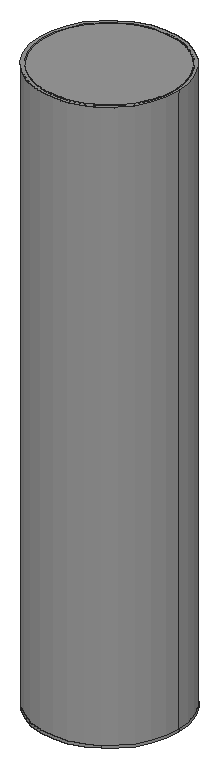
Revit family "Artemide_Tagora_Ceiling_80", category Lighting Fixtures, Revit 2018
Family settings
  Round Connector Dimension = Use Diameter
  Part Type = Normal
  Work Plane-Based = Yes
  Always vertical = Yes
  Cut with Voids When Loaded = No
  Light Source = Yes
  Shared = No
  Room Calculation Point = No
Parameters (values of type "Tagora_Ceiling_80_GU10_Beige/White_M018920")
  Wattage = 0 W
  built-in parameter 1150110 = 1 (stored number, unit not read)
  Voltage = "-"
  built-in parameter 1114217 = 1 (stored number, unit not read)
  Tilt Angle = 90.00°
  built-in parameter 1150109 = 1 (stored number, unit not read)
  built-in parameter 1150134 = 12
  built-in parameter 1150113 = 1 (stored number, unit not read)
  Radius_InternalCylinder = Radius_ExternalCyilinder - 2 mm  # 38 mm
  Radius_ExternalCyilinder = 40 mm
  Product Range = "Tagora"
  Photometric Web File = ""
  Max Height from ceiling = 0 mm
  M_HousingCylinder = Artemide_Aluminum_Beige
  M_Housing = Artemide_Aluminum_White
  M_Diffuser = Artemide_Glass_LightBulb
  built-in parameter 1150105 = (empty or 0)
  Lumens = 0 lm
  built-in parameter 1150115 = 1 (stored number, unit not read)
  built-in parameter 1150137 = (empty or 0)
  built-in parameter 1150139 = (empty or 0)
  built-in parameter 1150112 = 1 (stored number, unit not read)
  built-in parameter 1150114 = 1 (stored number, unit not read)
  built-in parameter 1150132 = 2
  built-in parameter 1150102 = (empty or 0)
  built-in parameter 1150107 = 4000 (stored number, unit not read)
  built-in parameter 1150138 = (empty or 0)
  built-in parameter 1150106 = (empty or 0)
  IfcExportType = "NOT DEFINED"  # constant formula
  IfcExportAs = "IfcLightFixtureType"  # constant formula
  Weekly = "-"
  Warranty ID = "https://cloud.artemide.com/5-years-warranty"
  Upward Component  = 0
  Unified Glare Rating  = "-"
  Uniclass 2015 = "Pr_70_70_48"  # constant formula
  URL to O&M Manual = "-"
  URL to Energy Technology List = "-"
  Trim Material = "-"
  Trim Finish = "-"
  Trim Colour  = "-"
  Total Power = 0
  Total Light Output  = 0
  Testing method = "-"
  Supply Phase = 0
  Suitable for Photocell Control = "-"
  Suitable for Motion Detector Control = "N"
  Suitable for Dimming  = "-"
  Suitable Dimmer Type = "-"
  Standards = "-"
  Shipping Weight = 0
  Service life  = "-"
  Secondary Rated Lamp Life = 0
  Secondary Lamp Voltage = 0
  Secondary Lamp International Type Code = "-"
  Secondary Lamp Initial Lumens  = 0
  Secondary Lamp Included = "-"
  Secondary Lamp Efficacy = 0
  Secondary Lamp Colour Temperature = 0
  Secondary Lamp Colour Rendering Index = 0
  Secondary Lamp Cap = "-"
  Secondary Lamp = "-"
  Responsible Sourcing of Materials = "-"
  Responsible Extraction of Materials = "-"
  Reflector Material = "-"
  Reflector Finish = "-"
  Rated Lamp Life = 0
  Quarterly = "-"
  Product Model Number = "M018920"
  Product Literature = "https://www.artemide.com/en/subfamily/1684426/tagora-ceiling-80"
  Primary Lamp Type = "LED RETROFIT"
  Power Supply Kit = "-"
  Power Factor = 0
  Photocell = "-"
  Overall Width = 0
  Overall Light Output Ratio = 0
  Overall Length = 80
  Overall Height = 330
  Output Lumens Indirect light = 0
  Output Lumens Direct light = 0
  Number of Secondary Lamps = 0
  Number of Primary Lamps = 1
  Number of Poles = 0
  Motion Sensor = "-"
  Motion Detector = "-"
  Monthly = "-"
  Minimum Operating Temperature = 0
  Maximum Operating Temperature = 0
  Material Ingredient Reporting = "-"
  Manufacturer Website = "https://www.artemide.com"
  Manufacturer = "Artemide"
  Maintenance Required: 8001-12000hrs  = "-"
  Maintenance Required: 601-1000hrs = "-"
  Maintenance Required: 4001-8000hrs  = "-"
  Maintenance Required: 301-600hrs  = "-"
  Maintenance Required: 2001-4000hrs  = "-"
  Maintenance Required: 1001-2000hrs  = "-"
  Maintenance Required: 0-300hrs  = "-"
  Luminance at 65deg Angle = 0
  Luminaire Type = "Ceiling lamp"
  Luminaire Maintenance Factor = 0
  Luminaire Cleaning Interval  = "-"
  Louvre/Lens = "-"
  Location of Manufacturer = "-"
  Light Output Pattern = "-"
  Light Fixture Mounting Type = "Ceiling"
  Life Cycle Analysis = "-"
  Lamp Survival Factor = "-"
  Lamp Replacement Interval = "-"
  Lamp Included = "N"
  Lamp Holder Material = "-"
  Lamp Cap = "LED Integrated"
  LED lifetime = 0
  LED Maintained Colour Variation         = 0
  LED Initial Colour Variation                      = 0
  International Type Code = "-"
  Intended Market = "Unset"
  Integral Fuse or Circuit Protection  = "-"
  Integral Emergency Lighting Battery Type = "-"
  Input Lumens Indirect light = 0
  Input Lumens Direct light = 0
  Initial Lumens = 0
  Infills = "-"
  IP Rating = "IP20"
  IK Rating = "-"
  IES Files  = "-"
  Housing Material = "Aluminium"
  Housing Finish  = "Painted"
  Housing Colour  = "Beige/White"
  Hazardous Area Protection Type = "-"
  Hazardous Area Category = "-"
  Gross Weight = 0
  Green Guide for Specification = "-"
  Gasket Material = "-"
  Frequency  = 0
  Fixings = "-"
  Fixing Material = "-"
  Fire Shroud = "-"
  Fire Rating Duration = 0
  Fire Rated Temperature = 0
  Fire Rated = "-"
  Features = "Any additional components/accessories included in this file are required to complete the product/configuration and must be ordered separately.Please check the catalogue/dedicated brochure for more information"
  Face Width = 0
  Face Shape = "Cylindrical"
  Face Length = 0
  External Control Line Voltage = 0
  Expected Life = "-"
  Environmental Product Declaration = "-"
  End Caps/Transition Caps/Joints = "-"
  built-in parameter 1150129 = 1 mm
  Emit Shape Visible in Rendering = no
  Emergency light output percentage = 0
  Emergency Lighting Battery = "-"
  Emergency Charging Power       = 0
  Emergency = "N"
  Embodied Carbon  = 0
  Efficiency = 0
  built-in parameter 1150104 = 0.092903 (stored number, unit not read)
  Earth Point  = "-"
  ENEC Certification of European conformity = "N"
  Duration of Integral Emergency Lighting  = 0
  Drive Current                                          = 0
  Downward Component = 0
  Distance_HeightLamp = 330.018 mm
  Dimming Lamp Color Temperature Shift = <None>
  Diffusing screen = "-"
  Diffuser Material  = "-"
  Diffuser Finish = "-"
  Designed by = "S./R. Cornelissen"
  Default Elevation = 1219.2 mm
  Daylight Sensor = "-"
  Daily = "-"
  Cut Out Width = 0
  Cut Out Length = 0
  Current  = 0
  Control Gear Type = "-"
  Control Gear Standby Power  = 0
  Control Gear Required = "-"
  Control Gear Location = "-"
  Column = "-"
  Colour Temperature = 0
  Colour Rendering Index = 0
  Color Filter = 16777215
  Cable Material = "-"
  CE Approval = "Y"
  Bespoke Timeframe = "-"
  Beam Angle Transverse Axis  = 0.00°
  Beam Angle Longditudinal Axis  = 0.00°
  Basis of lifetime luminaire failures        = 0
  Basis of lifetime lumen depreciation   = 0
  Emit from Circle Diameter = 304.8 mm
  built-in parameter 1150133 = 10 (stored number, unit not read)
  Application Environment = "Internal"
  Annually = "-"
  Ambient Temperature                             = 0
  Air Handling = "-"
  Access Clearance Top = 0
  Access Clearance Right = 0
  Access Clearance Rear = 0
  Access Clearance Left = 0
  Access Clearance Front = 0
  Access Clearance Bottom = 0
  6 Monthly = "-"
Types (65, lengths in mm): name | Wattage | built-in parameter 1150134 | Photometric Web File | M_HousingCylinder | M_Housing | built-in parameter 1150105 | Lumens | built-in parameter 1150132 | built-in parameter 1150107 | built-in parameter 1150106 | URL to O&M Manual | Suitable for Dimming  | Suitable Dimmer Type | Rated Lamp Life | Product Model Number | Primary Lamp Type | Output Lumens Direct light | Lamp Included | LED lifetime | Input Lumens Direct light | Initial Lumens | IES Files  | Housing Colour  | Gross Weight | built-in parameter 1150129 | Efficiency | built-in parameter 1150104 | Cut Out Width | Cut Out Length | Colour Temperature | Colour Rendering Index
  Tagora_Ceiling_80_36°_3000K_Beige/White_DimmableDali_AB08152 | 14 W | (empty or 0) | "AB08152.IES" | Artemide_Aluminum_Beige | Artemide_Aluminum_White | 81.763 (stored number, unit not read) | 1027.46 lm | (empty or 0) | 3000 (stored number, unit not read) | 0.81763 (stored number, unit not read) | "https://www.artemide.com/contents/documenti/prodotto/tagora_soffitto_80_instructions4134420.pdf" | "Y" | "DALI" | 50000 | "AB08152" | "LED" | 1027 | "Y" | 60000 | 1489 | 1027 | "https://www.artemide.com/product/downloadFile/4134252/ieseu/4887640" | "Beige/White" | 1.4 | 38.3 | 69 | 6.8182 (stored number, unit not read) | 0 | 0 | 3000 | 90
  Tagora_Ceiling_80_36°_3000K_Beige/White_Undimmable_AB06152 | 14 W | (empty or 0) | "AB06152.IES" | Artemide_Aluminum_Beige | Artemide_Aluminum_White | 81.763 (stored number, unit not read) | 1027.46 lm | (empty or 0) | 3000 (stored number, unit not read) | 0.81763 (stored number, unit not read) | "https://www.artemide.com/contents/documenti/prodotto/tagora_soffitto_80_instructions4134420.pdf" | "N" | "-" | 50000 | "AB06152" | "LED" | 1027 | "Y" | 60000 | 1489 | 1027 | "https://www.artemide.com/product/downloadFile/1667522/ieseu/4887743" | "Beige/White" | 1.4 | 38.3 | 69 | 6.8182 (stored number, unit not read) | 0 | 0 | 3000 | 90
  Tagora_Ceiling_80_36°_4000K_Beige/White_DimmableDali_AB08452 | 14 W | 12 | "AB08452.IES" | Artemide_Aluminum_Beige | Artemide_Aluminum_White | 84.292 (stored number, unit not read) | 1059.24 lm | (empty or 0) | 4000 (stored number, unit not read) | 0.84292 (stored number, unit not read) | "https://www.artemide.com/contents/documenti/prodotto/tagora_soffitto_80_instructions4134420.pdf" | "Y" | "DALI" | 50000 | "AB08452" | "LED" | 1059 | "Y" | 60000 | 1535 | 1059 | "https://www.artemide.com/product/downloadFile/4134879/ieseu/4887656" | "Beige/White" | 1.4 | 38.3 | 69 | 7.029 (stored number, unit not read) | 0 | 0 | 4000 | 90
  Tagora_Ceiling_80_36°_4000K_Beige/White_Undimmable_AB06452 | 14 W | 12 | "AB06452.IES" | Artemide_Aluminum_Beige | Artemide_Aluminum_White | 84.292 (stored number, unit not read) | 1059.24 lm | (empty or 0) | 4000 (stored number, unit not read) | 0.84292 (stored number, unit not read) | "https://www.artemide.com/contents/documenti/prodotto/tagora_soffitto_80_instructions4134420.pdf" | "N" | "-" | 50000 | "AB06452" | "LED" | 1059 | "Y" | 60000 | 1535 | 1059 | "https://www.artemide.com/product/downloadFile/1667813/ieseu/4887915" | "Beige/White" | 1.4 | 38.3 | 69 | 7.029 (stored number, unit not read) | 0 | 0 | 4000 | 90
  Tagora_Ceiling_80_44°_3000K_Beige/White_DimmableDali_AB08252 | 14 W | (empty or 0) | "AB08252.IES" | Artemide_Aluminum_Beige | Artemide_Aluminum_White | 88.391 (stored number, unit not read) | 1110.76 lm | (empty or 0) | 3000 (stored number, unit not read) | 0.88391 (stored number, unit not read) | "https://www.artemide.com/contents/documenti/prodotto/tagora_soffitto_80_instructions4134420.pdf" | "Y" | "DALI" | 50000 | "AB08252" | "LED" | 1111 | "Y" | 60000 | 1489 | 1111 | "https://www.artemide.com/product/downloadFile/4134461/ieseu/4887614" | "Beige/White" | 1.4 | 38.3 | 75 | 7.3709 (stored number, unit not read) | 0 | 0 | 3000 | 90
  Tagora_Ceiling_80_44°_3000K_Beige/White_Undimmable_AB06252 | 14 W | (empty or 0) | "AB06252.IES" | Artemide_Aluminum_Beige | Artemide_Aluminum_White | 88.391 (stored number, unit not read) | 1110.76 lm | (empty or 0) | 3000 (stored number, unit not read) | 0.88391 (stored number, unit not read) | "https://www.artemide.com/contents/documenti/prodotto/tagora_soffitto_80_instructions4134420.pdf" | "N" | "-" | 50000 | "AB06252" | "LED" | 1111 | "Y" | 60000 | 1489 | 1111 | "https://www.artemide.com/product/downloadFile/4133834/ieseu/4887963" | "Beige/White" | 1.4 | 38.3 | 75 | 7.3709 (stored number, unit not read) | 0 | 0 | 3000 | 90
  Tagora_Ceiling_80_44°_4000K_Beige/White_DimmableDali_AB08552 | 14 W | 12 | "AB08552.IES" | Artemide_Aluminum_Beige | Artemide_Aluminum_White | 91.132 (stored number, unit not read) | 1145.2 lm | (empty or 0) | 4000 (stored number, unit not read) | 0.91132 (stored number, unit not read) | "https://www.artemide.com/contents/documenti/prodotto/tagora_soffitto_80_instructions4134420.pdf" | "Y" | "DALI" | 50000 | "AB08552" | "LED" | 1145 | "Y" | 60000 | 1535 | 1145 | "https://www.artemide.com/product/downloadFile/4135088/ieseu/4887609" | "Beige/White" | 1.4 | 38.3 | 75 | 7.5995 (stored number, unit not read) | 0 | 0 | 4000 | 90
  Tagora_Ceiling_80_44°_4000K_Beige/White_Undimmable_AB06552 | 14 W | 12 | "AB06552.IES" | Artemide_Aluminum_Beige | Artemide_Aluminum_White | 91.132 (stored number, unit not read) | 1145.2 lm | (empty or 0) | 4000 (stored number, unit not read) | 0.91132 (stored number, unit not read) | "https://www.artemide.com/contents/documenti/prodotto/tagora_soffitto_80_instructions4134420.pdf" | "N" | "-" | 50000 | "AB06552" | "LED" | 1145 | "Y" | 60000 | 1535 | 1145 | "https://www.artemide.com/product/downloadFile/4134043/ieseu/4887603" | "Beige/White" | 1.4 | 38.3 | 75 | 7.5995 (stored number, unit not read) | 0 | 0 | 4000 | 90
  Tagora_Ceiling_80_52°_3000K_Beige/White_DimmableDali_AB08352 | 14 W | (empty or 0) | "AB08352.IES" | Artemide_Aluminum_Beige | Artemide_Aluminum_White | 80.816 (stored number, unit not read) | 1015.56 lm | (empty or 0) | 3000 (stored number, unit not read) | 0.80816 (stored number, unit not read) | "https://www.artemide.com/contents/documenti/prodotto/tagora_soffitto_80_instructions4134420.pdf" | "Y" | "DALI" | 50000 | "AB08352" | "LED" | 1016 | "Y" | 60000 | 1489 | 1016 | "https://www.artemide.com/product/downloadFile/4134670/ieseu/4887763" | "Beige/White" | 1.4 | 38.3 | 68 | 6.7392 (stored number, unit not read) | 0 | 0 | 3000 | 90
  Tagora_Ceiling_80_52°_3000K_Beige/White_Undimmable_AB06352 | 14 W | (empty or 0) | "AB06352.IES" | Artemide_Aluminum_Beige | Artemide_Aluminum_White | 80.816 (stored number, unit not read) | 1015.56 lm | (empty or 0) | 3000 (stored number, unit not read) | 0.80816 (stored number, unit not read) | "https://www.artemide.com/contents/documenti/prodotto/tagora_soffitto_80_instructions4134420.pdf" | "N" | "-" | 50000 | "AB06352" | "LED" | 1016 | "Y" | 60000 | 1489 | 1016 | "https://www.artemide.com/product/downloadFile/1668585/ieseu/4887903" | "Beige/White" | 1.4 | 38.3 | 68 | 6.7392 (stored number, unit not read) | 0 | 0 | 3000 | 90
  Tagora_Ceiling_80_52°_4000K_Beige/White_DimmableDali_AB08652 | 14 W | 12 | "AB08652.IES" | Artemide_Aluminum_Beige | Artemide_Aluminum_White | 83.311 (stored number, unit not read) | 1046.92 lm | (empty or 0) | 4000 (stored number, unit not read) | 0.83311 (stored number, unit not read) | "https://www.artemide.com/contents/documenti/prodotto/tagora_soffitto_80_instructions4134420.pdf" | "Y" | "DALI" | 50000 | "AB08652" | "LED" | 1047 | "Y" | 60000 | 1535 | 1047 | "https://www.artemide.com/product/downloadFile/4135297/ieseu/4887720" | "Beige/White" | 1.4 | 38.3 | 68 | 6.9473 (stored number, unit not read) | 0 | 0 | 4000 | 90
  Tagora_Ceiling_80_52°_4000K_Beige/White_Undimmable_AB06652 | 14 W | 12 | "AB06652.IES" | Artemide_Aluminum_Beige | Artemide_Aluminum_White | 83.311 (stored number, unit not read) | 1046.92 lm | (empty or 0) | 4000 (stored number, unit not read) | 0.83311 (stored number, unit not read) | "https://www.artemide.com/contents/documenti/prodotto/tagora_soffitto_80_instructions4134420.pdf" | "N" | "-" | 50000 | "AB06652" | "LED" | 1047 | "Y" | 60000 | 1535 | 1047 | "https://www.artemide.com/product/downloadFile/1668378/ieseu/4887744" | "Beige/White" | 1.4 | 38.3 | 68 | 6.9473 (stored number, unit not read) | 0 | 0 | 4000 | 90
  Tagora_Ceiling_80_36°_3000K_Grey/White_DimmableDali_AB08156 | 14 W | (empty or 0) | "AB08156.IES" | Artemide_Aluminum_Grey | Artemide_Aluminum_White | 81.763 (stored number, unit not read) | 1027.46 lm | (empty or 0) | 3000 (stored number, unit not read) | 0.81763 (stored number, unit not read) | "https://www.artemide.com/contents/documenti/prodotto/tagora_soffitto_80_instructions4134420.pdf" | "Y" | "DALI" | 50000 | "AB08156" | "LED" | 1027 | "Y" | 60000 | 1489 | 1027 | "https://www.artemide.com/product/downloadFile/4132580/ieseu/4887712" | "Grey/White" | 1.4 | 38.3 | 69 | 6.8182 (stored number, unit not read) | 0 | 0 | 3000 | 90
  Tagora_Ceiling_80_36°_3000K_Grey/White_Undimmable_AB06156 | 14 W | (empty or 0) | "AB06156.IES" | Artemide_Aluminum_Grey | Artemide_Aluminum_White | 81.763 (stored number, unit not read) | 1027.46 lm | (empty or 0) | 3000 (stored number, unit not read) | 0.81763 (stored number, unit not read) | "https://www.artemide.com/contents/documenti/prodotto/tagora_soffitto_80_instructions4134420.pdf" | "N" | "-" | 50000 | "AB06156" | "LED" | 1027 | "Y" | 60000 | 1489 | 1027 | "https://www.artemide.com/product/downloadFile/1666272/ieseu/4887600" | "Grey/White" | 1.4 | 38.3 | 69 | 6.8182 (stored number, unit not read) | 0 | 0 | 3000 | 90
  Tagora_Ceiling_80_36°_4000K_Grey/White_DimmableDali_AB08456 | 14 W | 12 | "AB08456.IES" | Artemide_Aluminum_Grey | Artemide_Aluminum_White | 84.292 (stored number, unit not read) | 1059.24 lm | (empty or 0) | 4000 (stored number, unit not read) | 0.84292 (stored number, unit not read) | "https://www.artemide.com/contents/documenti/prodotto/tagora_soffitto_80_instructions4134420.pdf" | "Y" | "DALI" | 50000 | "AB08456" | "LED" | 1059 | "Y" | 60000 | 1535 | 1059 | "https://www.artemide.com/product/downloadFile/4133207/ieseu/4887983" | "Grey/White" | 1.4 | 38.3 | 69 | 7.029 (stored number, unit not read) | 0 | 0 | 4000 | 90
  Tagora_Ceiling_80_36°_4000K_Grey/White_Undimmable_AB06456 | 14 W | 12 | "AB06456.IES" | Artemide_Aluminum_Grey | Artemide_Aluminum_White | 84.292 (stored number, unit not read) | 1059.24 lm | (empty or 0) | 4000 (stored number, unit not read) | 0.84292 (stored number, unit not read) | "https://www.artemide.com/contents/documenti/prodotto/tagora_soffitto_80_instructions4134420.pdf" | "N" | "-" | 50000 | "AB06456" | "LED" | 1059 | "Y" | 60000 | 1535 | 1059 | "https://www.artemide.com/product/downloadFile/1666482/ieseu/4887797" | "Grey/White" | 1.4 | 38.3 | 69 | 7.029 (stored number, unit not read) | 0 | 0 | 4000 | 90
  Tagora_Ceiling_80_44°_3000K_Grey/White_DimmableDali_AB08256 | 14 W | (empty or 0) | "AB08256.IES" | Artemide_Aluminum_Grey | Artemide_Aluminum_White | 88.391 (stored number, unit not read) | 1110.76 lm | (empty or 0) | 3000 (stored number, unit not read) | 0.88391 (stored number, unit not read) | "https://www.artemide.com/contents/documenti/prodotto/tagora_soffitto_80_instructions4134420.pdf" | "Y" | "DALI" | 50000 | "AB08256" | "LED" | 1111 | "Y" | 60000 | 1489 | 1111 | "https://www.artemide.com/product/downloadFile/4132789/ieseu/4887988" | "Grey/White" | 1.4 | 38.3 | 75 | 7.3709 (stored number, unit not read) | 0 | 0 | 3000 | 90
  Tagora_Ceiling_80_44°_3000K_Grey/White_Undimmable_AB06256 | 14 W | (empty or 0) | "AB06256.IES" | Artemide_Aluminum_Grey | Artemide_Aluminum_White | 88.391 (stored number, unit not read) | 1110.76 lm | (empty or 0) | 3000 (stored number, unit not read) | 0.88391 (stored number, unit not read) | "https://www.artemide.com/contents/documenti/prodotto/tagora_soffitto_80_instructions4134420.pdf" | "N" | "-" | 50000 | "AB06256" | "LED" | 1111 | "Y" | 60000 | 1489 | 1111 | "https://www.artemide.com/product/downloadFile/4132162/ieseu/4887953" | "Grey/White" | 1.4 | 38.3 | 75 | 7.3709 (stored number, unit not read) | 0 | 0 | 3000 | 90
  Tagora_Ceiling_80_44°_4000K_Grey/White_DimmableDali_AB08556 | 14 W | 12 | "AB08556.IES" | Artemide_Aluminum_Grey | Artemide_Aluminum_White | 91.132 (stored number, unit not read) | 1145.2 lm | (empty or 0) | 4000 (stored number, unit not read) | 0.91132 (stored number, unit not read) | "https://www.artemide.com/contents/documenti/prodotto/tagora_soffitto_80_instructions4134420.pdf" | "Y" | "DALI" | 50000 | "AB08556" | "LED" | 1145 | "Y" | 60000 | 1535 | 1145 | "https://www.artemide.com/product/downloadFile/4133416/ieseu/4887735" | "Grey/White" | 1.4 | 38.3 | 75 | 7.5995 (stored number, unit not read) | 0 | 0 | 4000 | 90
  Tagora_Ceiling_80_44°_4000K_Grey/White_Undimmable_AB06556 | 14 W | 12 | "AB06556.IES" | Artemide_Aluminum_Grey | Artemide_Aluminum_White | 91.132 (stored number, unit not read) | 1145.2 lm | (empty or 0) | 4000 (stored number, unit not read) | 0.91132 (stored number, unit not read) | "https://www.artemide.com/contents/documenti/prodotto/tagora_soffitto_80_instructions4134420.pdf" | "N" | "-" | 50000 | "AB06556" | "LED" | 1145 | "Y" | 60000 | 1535 | 1145 | "https://www.artemide.com/product/downloadFile/4132371/ieseu/4887695" | "Grey/White" | 1.4 | 38.3 | 75 | 7.5995 (stored number, unit not read) | 0 | 0 | 4000 | 90
  Tagora_Ceiling_80_52°_3000K_Grey/White_DimmableDali_AB08356 | 14 W | (empty or 0) | "AB08356.IES" | Artemide_Aluminum_Grey | Artemide_Aluminum_White | 80.816 (stored number, unit not read) | 1015.56 lm | (empty or 0) | 3000 (stored number, unit not read) | 0.80816 (stored number, unit not read) | "https://www.artemide.com/contents/documenti/prodotto/tagora_soffitto_80_instructions4134420.pdf" | "Y" | "DALI" | 50000 | "AB08356" | "LED" | 1016 | "Y" | 60000 | 1489 | 1016 | "https://www.artemide.com/product/downloadFile/4132998/ieseu/4887742" | "Grey/White" | 1.4 | 38.3 | 68 | 6.7392 (stored number, unit not read) | 0 | 0 | 3000 | 90
  Tagora_Ceiling_80_52°_3000K_Grey/White_Undimmable_AB06356 | 14 W | (empty or 0) | "AB06356.IES" | Artemide_Aluminum_Grey | Artemide_Aluminum_White | 80.816 (stored number, unit not read) | 1015.56 lm | (empty or 0) | 3000 (stored number, unit not read) | 0.80816 (stored number, unit not read) | "https://www.artemide.com/contents/documenti/prodotto/tagora_soffitto_80_instructions4134420.pdf" | "N" | "-" | 50000 | "AB06356" | "LED" | 1016 | "Y" | 60000 | 1489 | 1016 | "https://www.artemide.com/product/downloadFile/1667096/ieseu/4887711" | "Grey/White" | 1.4 | 38.3 | 68 | 6.7392 (stored number, unit not read) | 0 | 0 | 3000 | 90
  Tagora_Ceiling_80_52°_4000K_Grey/White_DimmableDali_AB08656 | 14 W | 12 | "AB08656.IES" | Artemide_Aluminum_Grey | Artemide_Aluminum_White | 83.311 (stored number, unit not read) | 1046.92 lm | (empty or 0) | 4000 (stored number, unit not read) | 0.83311 (stored number, unit not read) | "https://www.artemide.com/contents/documenti/prodotto/tagora_soffitto_80_instructions4134420.pdf" | "Y" | "DALI" | 50000 | "AB08656" | "LED" | 1047 | "Y" | 60000 | 1535 | 1047 | "https://www.artemide.com/product/downloadFile/4133625/ieseu/4887823" | "Grey/White" | 1.4 | 38.3 | 68 | 6.9473 (stored number, unit not read) | 0 | 0 | 4000 | 90
  Tagora_Ceiling_80_52°_4000K_Grey/White_Undimmable_AB06656 | 14 W | 12 | "AB06656.IES" | Artemide_Aluminum_Grey | Artemide_Aluminum_White | 83.311 (stored number, unit not read) | 1046.92 lm | (empty or 0) | 4000 (stored number, unit not read) | 0.83311 (stored number, unit not read) | "https://www.artemide.com/contents/documenti/prodotto/tagora_soffitto_80_instructions4134420.pdf" | "N" | "-" | 50000 | "AB06656" | "LED" | 1047 | "Y" | 60000 | 1535 | 1047 | "https://www.artemide.com/product/downloadFile/1666686/ieseu/4887841" | "Grey/White" | 1.4 | 38.3 | 68 | 6.9473 (stored number, unit not read) | 0 | 0 | 4000 | 90
  Tagora_Ceiling_80_GU10_Grey/White_M018960 | 0 W | 12 | "" | Artemide_Aluminum_Grey | Artemide_Aluminum_White | (empty or 0) | 0 lm | 2 | 4000 (stored number, unit not read) | (empty or 0) | "-" | "-" | "-" | 0 | "M018960" | "LED RETROFIT" | 0 | "N" | 0 | 0 | 0 | "-" | "Grey/White" | 0 | 1 | 0 | 0.092903 (stored number, unit not read) | 0 | 0 | 0 | 0
  Tagora_Ceiling_80_GU10_Beige/White_M018920 | 0 W | 12 | "" | Artemide_Aluminum_Beige | Artemide_Aluminum_White | (empty or 0) | 0 lm | 2 | 4000 (stored number, unit not read) | (empty or 0) | "-" | "-" | "-" | 0 | "M018920" | "LED RETROFIT" | 0 | "N" | 0 | 0 | 0 | "-" | "Beige/White" | 0 | 1 | 0 | 0.092903 (stored number, unit not read) | 0 | 0 | 0 | 0
  Tagora_Ceiling_80_36°_3000K_Black/Orange_DimmableDali_AB08157 | 14 W | (empty or 0) | "AB08157.IES" | Artemide_Aluminum_Black | Artemide_Aluminum_Orange | 81.763 (stored number, unit not read) | 1027.46 lm | (empty or 0) | 3000 (stored number, unit not read) | 0.81763 (stored number, unit not read) | "https://www.artemide.com/contents/documenti/prodotto/tagora_soffitto_80_instructions4134420.pdf" | "Y" | "DALI" | 50000 | "AB08157" | "LED" | 1027 | "Y" | 60000 | 1489 | 1027 | "https://www.artemide.com/product/downloadFile/4130908/ieseu/4887927" | "Black/Orange" | 1.4 | 38.3 | 69 | 6.8182 (stored number, unit not read) | 0 | 0 | 3000 | 90
  Tagora_Ceiling_80_36°_3000K_Black/Orange_Undimmable_AB06157 | 14 W | (empty or 0) | "AB06157.IES" | Artemide_Aluminum_Black | Artemide_Aluminum_Orange | 81.763 (stored number, unit not read) | 1027.46 lm | (empty or 0) | 3000 (stored number, unit not read) | 0.81763 (stored number, unit not read) | "https://www.artemide.com/contents/documenti/prodotto/tagora_soffitto_80_instructions4134420.pdf" | "N" | "-" | 50000 | "AB06157" | "LED" | 1027 | "Y" | 60000 | 1489 | 1027 | "https://www.artemide.com/product/downloadFile/1650646/ieseu/4887652" | "Black/Orange" | 1.4 | 38.3 | 69 | 6.8182 (stored number, unit not read) | 0 | 0 | 3000 | 90
  Tagora_Ceiling_80_36°_4000K_Black/Orange_DimmableDali_AB08457 | 14 W | 12 | "AB08457.IES" | Artemide_Aluminum_Black | Artemide_Aluminum_Orange | 84.292 (stored number, unit not read) | 1059.24 lm | (empty or 0) | 4000 (stored number, unit not read) | 0.84292 (stored number, unit not read) | "https://www.artemide.com/contents/documenti/prodotto/tagora_soffitto_80_instructions4134420.pdf" | "Y" | "DALI" | 50000 | "AB08457" | "LED" | 1059 | "Y" | 60000 | 1535 | 1059 | "https://www.artemide.com/product/downloadFile/4131535/ieseu/4887682" | "Black/Orange" | 1.4 | 38.3 | 69 | 7.029 (stored number, unit not read) | 0 | 0 | 4000 | 90
  Tagora_Ceiling_80_36°_4000K_Black/Orange_Undimmable_AB06457 | 14 W | 12 | "AB06457.IES" | Artemide_Aluminum_Black | Artemide_Aluminum_Orange | 84.292 (stored number, unit not read) | 1059.24 lm | (empty or 0) | 4000 (stored number, unit not read) | 0.84292 (stored number, unit not read) | "https://www.artemide.com/contents/documenti/prodotto/tagora_soffitto_80_instructions4134420.pdf" | "N" | "-" | 50000 | "AB06457" | "LED" | 1059 | "Y" | 60000 | 1535 | 1059 | "https://www.artemide.com/product/downloadFile/1665645/ieseu/4887651" | "Black/Orange" | 1.4 | 38.3 | 69 | 7.029 (stored number, unit not read) | 0 | 0 | 4000 | 90
  Tagora_Ceiling_80_44°_3000K_Black/Orange_DimmableDali_AB08257 | 14 W | (empty or 0) | "AB08257.IES" | Artemide_Aluminum_Black | Artemide_Aluminum_Orange | 88.391 (stored number, unit not read) | 1110.76 lm | (empty or 0) | 3000 (stored number, unit not read) | 0.88391 (stored number, unit not read) | "https://www.artemide.com/contents/documenti/prodotto/tagora_soffitto_80_instructions4134420.pdf" | "Y" | "DALI" | 50000 | "AB08257" | "LED" | 1111 | "Y" | 60000 | 1489 | 1111 | "https://www.artemide.com/product/downloadFile/4131117/ieseu/4887708" | "Black/Orange" | 1.4 | 38.3 | 75 | 7.3709 (stored number, unit not read) | 0 | 0 | 3000 | 90
  Tagora_Ceiling_80_44°_3000K_Black/Orange_Undimmable_AB06257 | 14 W | (empty or 0) | "AB06257.IES" | Artemide_Aluminum_Black | Artemide_Aluminum_Orange | 88.391 (stored number, unit not read) | 1110.76 lm | (empty or 0) | 3000 (stored number, unit not read) | 0.88391 (stored number, unit not read) | "https://www.artemide.com/contents/documenti/prodotto/tagora_soffitto_80_instructions4134420.pdf" | "N" | "-" | 50000 | "AB06257" | "LED" | 1111 | "Y" | 60000 | 1489 | 1111 | "https://www.artemide.com/product/downloadFile/4130490/ieseu/4887681" | "Black/Orange" | 1.4 | 38.3 | 75 | 7.3709 (stored number, unit not read) | 0 | 0 | 3000 | 90
  Tagora_Ceiling_80_44°_4000K_Black/Orange_DimmableDali_AB08557 | 14 W | 12 | "AB08557.IES" | Artemide_Aluminum_Black | Artemide_Aluminum_Orange | 91.132 (stored number, unit not read) | 1145.2 lm | (empty or 0) | 4000 (stored number, unit not read) | 0.91132 (stored number, unit not read) | "https://www.artemide.com/contents/documenti/prodotto/tagora_soffitto_80_instructions4134420.pdf" | "Y" | "DALI" | 50000 | "AB08557" | "LED" | 1145 | "Y" | 60000 | 1535 | 1145 | "https://www.artemide.com/product/downloadFile/4131744/ieseu/4887914" | "Black/Orange" | 1.4 | 38.3 | 75 | 7.5995 (stored number, unit not read) | 0 | 0 | 4000 | 90
  Tagora_Ceiling_80_44°_4000K_Black/Orange_Undimmable_AB06557 | 14 W | 12 | "AB06557.IES" | Artemide_Aluminum_Black | Artemide_Aluminum_Orange | 91.132 (stored number, unit not read) | 1145.2 lm | (empty or 0) | 4000 (stored number, unit not read) | 0.91132 (stored number, unit not read) | "https://www.artemide.com/contents/documenti/prodotto/tagora_soffitto_80_instructions4134420.pdf" | "N" | "-" | 50000 | "AB06557" | "LED" | 1145 | "Y" | 60000 | 1535 | 1145 | "https://www.artemide.com/product/downloadFile/4130699/ieseu/4887748" | "Black/Orange" | 1.4 | 38.3 | 75 | 7.5995 (stored number, unit not read) | 0 | 0 | 4000 | 90
  Tagora_Ceiling_80_52°_3000K_Black/Orange_DimmableDali_AB08357 | 14 W | (empty or 0) | "AB08357.IES" | Artemide_Aluminum_Black | Artemide_Aluminum_Orange | 80.816 (stored number, unit not read) | 1015.56 lm | (empty or 0) | 3000 (stored number, unit not read) | 0.80816 (stored number, unit not read) | "https://www.artemide.com/contents/documenti/prodotto/tagora_soffitto_80_instructions4134420.pdf" | "Y" | "DALI" | 50000 | "AB08357" | "LED" | 1016 | "Y" | 60000 | 1489 | 1016 | "https://www.artemide.com/product/downloadFile/4131326/ieseu/4887739" | "Black/Orange" | 1.4 | 38.3 | 68 | 6.7392 (stored number, unit not read) | 0 | 0 | 3000 | 90
  Tagora_Ceiling_80_52°_3000K_Black/Orange_Undimmable_AB06357 | 14 W | (empty or 0) | "AB06357.IES" | Artemide_Aluminum_Black | Artemide_Aluminum_Orange | 80.816 (stored number, unit not read) | 1015.56 lm | (empty or 0) | 3000 (stored number, unit not read) | 0.80816 (stored number, unit not read) | "https://www.artemide.com/contents/documenti/prodotto/tagora_soffitto_80_instructions4134420.pdf" | "N" | "-" | 50000 | "AB06357" | "LED" | 1016 | "Y" | 60000 | 1489 | 1016 | "https://www.artemide.com/product/downloadFile/1665856/ieseu/4887676" | "Black/Orange" | 1.4 | 38.3 | 68 | 6.7392 (stored number, unit not read) | 0 | 0 | 3000 | 90
  Tagora_Ceiling_80_52°_4000K_Black/Orange_DimmableDali_AB08657 | 14 W | 12 | "AB08657.IES" | Artemide_Aluminum_Black | Artemide_Aluminum_Orange | 83.311 (stored number, unit not read) | 1046.92 lm | (empty or 0) | 4000 (stored number, unit not read) | 0.83311 (stored number, unit not read) | "https://www.artemide.com/contents/documenti/prodotto/tagora_soffitto_80_instructions4134420.pdf" | "Y" | "DALI" | 50000 | "AB08657" | "LED" | 1047 | "Y" | 60000 | 1535 | 1047 | "https://www.artemide.com/product/downloadFile/4131953/ieseu/4887643" | "Black/Orange" | 1.4 | 38.3 | 68 | 6.9473 (stored number, unit not read) | 0 | 0 | 4000 | 90
  Tagora_Ceiling_80_52°_4000K_Black/Orange_Undimmable_AB06657 | 14 W | 12 | "AB06657.IES" | Artemide_Aluminum_Black | Artemide_Aluminum_Orange | 83.311 (stored number, unit not read) | 1046.92 lm | (empty or 0) | 4000 (stored number, unit not read) | 0.83311 (stored number, unit not read) | "https://www.artemide.com/contents/documenti/prodotto/tagora_soffitto_80_instructions4134420.pdf" | "N" | "-" | 50000 | "AB06657" | "LED" | 1047 | "Y" | 60000 | 1535 | 1047 | "https://www.artemide.com/product/downloadFile/1666066/ieseu/4887829" | "Black/Orange" | 1.4 | 38.3 | 68 | 6.9473 (stored number, unit not read) | 0 | 0 | 4000 | 90
  Tagora_Ceiling_80_GU10_Black/Orange_M018910 | 0 W | 12 | "" | Artemide_Aluminum_Black | Artemide_Aluminum_Orange | (empty or 0) | 0 lm | 2 | 4000 (stored number, unit not read) | (empty or 0) | "-" | "-" | "-" | 0 | "M018910" | "LED RETROFIT" | 0 | "N" | 0 | 0 | 0 | "-" | "Black/Orange" | 0 | 1 | 0 | 0.092903 (stored number, unit not read) | 0 | 0 | 0 | 0
  Tagora_Ceiling_80_36°_3000K_Black/Blue_DimmableDali_AB08158 | 14 W | (empty or 0) | "AB08158.IES" | Artemide_Aluminum_Black | Artemide_Aluminum_Blue | 81.763 (stored number, unit not read) | 1027.46 lm | (empty or 0) | 3000 (stored number, unit not read) | 0.81763 (stored number, unit not read) | "https://www.artemide.com/contents/documenti/prodotto/tagora_soffitto_80_instructions4134420.pdf" | "Y" | "DALI" | 50000 | "AB08158" | "LED" | 1027 | "Y" | 60000 | 1489 | 1027 | "https://www.artemide.com/product/downloadFile/4137836/ieseu/4887934" | "Black/Blue" | 1.4 | 38.3 | 69 | 6.8182 (stored number, unit not read) | 0 | 0 | 3000 | 90
  Tagora_Ceiling_80_36°_3000K_Black/Blue_Undimmable_AB06158 | 14 W | (empty or 0) | "AB06158.IES" | Artemide_Aluminum_Black | Artemide_Aluminum_Blue | 81.763 (stored number, unit not read) | 1027.46 lm | (empty or 0) | 3000 (stored number, unit not read) | 0.81763 (stored number, unit not read) | "https://www.artemide.com/contents/documenti/prodotto/tagora_soffitto_80_instructions4134420.pdf" | "N" | "-" | 50000 | "AB06158" | "LED" | 1027 | "Y" | 60000 | 1489 | 1027 | "https://www.artemide.com/product/downloadFile/2479505/ieseu/4887794" | "Black/Blue" | 1.4 | 38.3 | 69 | 6.8182 (stored number, unit not read) | 0 | 0 | 3000 | 90
  Tagora_Ceiling_80_36°_4000K_Black/Blue_DimmableDali_AB08458 | 14 W | 12 | "AB08458.IES" | Artemide_Aluminum_Black | Artemide_Aluminum_Blue | 84.292 (stored number, unit not read) | 1059.24 lm | (empty or 0) | 4000 (stored number, unit not read) | 0.84292 (stored number, unit not read) | "https://www.artemide.com/contents/documenti/prodotto/tagora_soffitto_80_instructions4134420.pdf" | "Y" | "DALI" | 50000 | "AB08458" | "LED" | 1059 | "Y" | 60000 | 1535 | 1059 | "https://www.artemide.com/product/downloadFile/4138535/ieseu/4887821" | "Black/Blue" | 1.4 | 38.3 | 69 | 7.029 (stored number, unit not read) | 0 | 0 | 4000 | 90
  Tagora_Ceiling_80_36°_4000K_Black/Blue_Undimmable_AB06458 | 14 W | 12 | "AB06458.IES" | Artemide_Aluminum_Black | Artemide_Aluminum_Blue | 84.292 (stored number, unit not read) | 1059.24 lm | (empty or 0) | 4000 (stored number, unit not read) | 0.84292 (stored number, unit not read) | "https://www.artemide.com/contents/documenti/prodotto/tagora_soffitto_80_instructions4134420.pdf" | "N" | "-" | 50000 | "AB06458" | "LED" | 1059 | "Y" | 60000 | 1535 | 1059 | "https://www.artemide.com/product/downloadFile/2479933/ieseu/4887801" | "Black/Blue" | 1.4 | 38.3 | 69 | 7.029 (stored number, unit not read) | 0 | 0 | 4000 | 90
  Tagora_Ceiling_80_44°_3000K_Black/Blue_DimmableDali_AB08258 | 14 W | (empty or 0) | "AB08258.IES" | Artemide_Aluminum_Black | Artemide_Aluminum_Blue | 88.391 (stored number, unit not read) | 1110.76 lm | (empty or 0) | 3000 (stored number, unit not read) | 0.88391 (stored number, unit not read) | "https://www.artemide.com/contents/documenti/prodotto/tagora_soffitto_80_instructions4134420.pdf" | "Y" | "DALI" | 50000 | "AB08258" | "LED" | 1111 | "Y" | 60000 | 1489 | 1111 | "https://www.artemide.com/product/downloadFile/4138069/ieseu/4887622" | "Black/Blue" | 1.4 | 38.3 | 75 | 7.3709 (stored number, unit not read) | 0 | 0 | 3000 | 90
  Tagora_Ceiling_80_44°_3000K_Black/Blue_Undimmable_AB06258 | 14 W | (empty or 0) | "AB06258.IES" | Artemide_Aluminum_Black | Artemide_Aluminum_Blue | 88.391 (stored number, unit not read) | 1110.76 lm | (empty or 0) | 3000 (stored number, unit not read) | 0.88391 (stored number, unit not read) | "https://www.artemide.com/contents/documenti/prodotto/tagora_soffitto_80_instructions4134420.pdf" | "N" | "-" | 50000 | "AB06258" | "LED" | 1111 | "Y" | 60000 | 1489 | 1111 | "https://www.artemide.com/product/downloadFile/4137370/ieseu/4887948" | "Black/Blue" | 1.4 | 38.3 | 75 | 7.3709 (stored number, unit not read) | 0 | 0 | 3000 | 90
  Tagora_Ceiling_80_44°_4000K_Black/Blue_DimmableDali_AB08558 | 14 W | 12 | "AB08558.IES" | Artemide_Aluminum_Black | Artemide_Aluminum_Blue | 91.132 (stored number, unit not read) | 1145.2 lm | (empty or 0) | 4000 (stored number, unit not read) | 0.91132 (stored number, unit not read) | "https://www.artemide.com/contents/documenti/prodotto/tagora_soffitto_80_instructions4134420.pdf" | "Y" | "DALI" | 50000 | "AB08558" | "LED" | 1145 | "Y" | 60000 | 1535 | 1145 | "https://www.artemide.com/product/downloadFile/4138768/ieseu/4887667" | "Black/Blue" | 1.4 | 38.3 | 75 | 7.5995 (stored number, unit not read) | 0 | 0 | 4000 | 90
  Tagora_Ceiling_80_44°_4000K_Black/Blue_Undimmable_AB06558 | 14 W | 12 | "AB06558.IES" | Artemide_Aluminum_Black | Artemide_Aluminum_Blue | 91.132 (stored number, unit not read) | 1145.2 lm | (empty or 0) | 4000 (stored number, unit not read) | 0.91132 (stored number, unit not read) | "https://www.artemide.com/contents/documenti/prodotto/tagora_soffitto_80_instructions4134420.pdf" | "N" | "-" | 50000 | "AB06558" | "LED" | 1145 | "Y" | 60000 | 1535 | 1145 | "https://www.artemide.com/product/downloadFile/4137603/ieseu/4887871" | "Black/Blue" | 1.4 | 38.3 | 75 | 7.5995 (stored number, unit not read) | 0 | 0 | 4000 | 90
  Tagora_Ceiling_80_52°_3000K_Black/Blue_DimmableDali_AB08358 | 14 W | (empty or 0) | "AB08358.IES" | Artemide_Aluminum_Black | Artemide_Aluminum_Blue | 80.816 (stored number, unit not read) | 1015.56 lm | (empty or 0) | 3000 (stored number, unit not read) | 0.80816 (stored number, unit not read) | "https://www.artemide.com/contents/documenti/prodotto/tagora_soffitto_80_instructions4134420.pdf" | "Y" | "DALI" | 50000 | "AB08358" | "LED" | 1016 | "Y" | 60000 | 1489 | 1016 | "https://www.artemide.com/product/downloadFile/4138302/ieseu/4887620" | "Black/Blue" | 1.4 | 38.3 | 68 | 6.7392 (stored number, unit not read) | 0 | 0 | 3000 | 90
  Tagora_Ceiling_80_52°_3000K_Black/Blue_Undimmable_AB06358 | 14 W | (empty or 0) | "AB06358.IES" | Artemide_Aluminum_Black | Artemide_Aluminum_Blue | 80.816 (stored number, unit not read) | 1015.56 lm | (empty or 0) | 3000 (stored number, unit not read) | 0.80816 (stored number, unit not read) | "https://www.artemide.com/contents/documenti/prodotto/tagora_soffitto_80_instructions4134420.pdf" | "N" | "-" | 50000 | "AB06358" | "LED" | 1016 | "Y" | 60000 | 1489 | 1016 | "https://www.artemide.com/product/downloadFile/2480361/ieseu/4887594" | "Black/Blue" | 1.4 | 38.3 | 68 | 6.7392 (stored number, unit not read) | 0 | 0 | 3000 | 90
  Tagora_Ceiling_80_52°_4000K_Black/Blue_DimmableDali_AB08658 | 14 W | 12 | "AB08658.IES" | Artemide_Aluminum_Black | Artemide_Aluminum_Blue | 83.311 (stored number, unit not read) | 1046.92 lm | (empty or 0) | 4000 (stored number, unit not read) | 0.83311 (stored number, unit not read) | "https://www.artemide.com/contents/documenti/prodotto/tagora_soffitto_80_instructions4134420.pdf" | "Y" | "DALI" | 50000 | "AB08658" | "LED" | 1047 | "Y" | 60000 | 1535 | 1047 | "https://www.artemide.com/product/downloadFile/4139001/ieseu/4887698" | "Black/Blue" | 1.4 | 38.3 | 68 | 6.9473 (stored number, unit not read) | 0 | 0 | 4000 | 90
  Tagora_Ceiling_80_52°_4000K_Black/Blue_Undimmable_AB06658 | 14 W | 12 | "AB06658.IES" | Artemide_Aluminum_Black | Artemide_Aluminum_Blue | 83.311 (stored number, unit not read) | 1046.92 lm | (empty or 0) | 4000 (stored number, unit not read) | 0.83311 (stored number, unit not read) | "https://www.artemide.com/contents/documenti/prodotto/tagora_soffitto_80_instructions4134420.pdf" | "N" | "-" | 50000 | "AB06658" | "LED" | 1047 | "Y" | 60000 | 1535 | 1047 | "https://www.artemide.com/product/downloadFile/2480789/ieseu/4887800" | "Black/Blue" | 1.4 | 38.3 | 68 | 6.9473 (stored number, unit not read) | 0 | 0 | 4000 | 90
  Tagora_Ceiling_80_GU10_Black/Blue_M018930 | 0 W | 12 | "" | Artemide_Aluminum_Black | Artemide_Aluminum_Blue | (empty or 0) | 0 lm | 2 | 4000 (stored number, unit not read) | (empty or 0) | "-" | "-" | "-" | 0 | "M018930" | "LED RETROFIT" | 0 | "N" | 0 | 0 | 0 | "-" | "Black/Blue" | 0 | 1 | 0 | 0.092903 (stored number, unit not read) | 0 | 0 | 0 | 0
  Tagora_Ceiling_80_36°_3000K_Black/Green_DimmableDali_AB08159 | 14 W | (empty or 0) | "AB08159.IES" | Artemide_Aluminum_Black | Artemide_Aluminum_Green | 81.763 (stored number, unit not read) | 1027.46 lm | (empty or 0) | 3000 (stored number, unit not read) | 0.81763 (stored number, unit not read) | "https://www.artemide.com/contents/documenti/prodotto/tagora_soffitto_80_instructions4134420.pdf" | "Y" | "DALI" | 50000 | "AB08159" | "LED" | 1027 | "Y" | 60000 | 1489 | 1027 | "https://www.artemide.com/product/downloadFile/4135972/ieseu/4887776" | "Black/Green" | 1.4 | 38.3 | 69 | 6.8182 (stored number, unit not read) | 0 | 0 | 3000 | 90
  Tagora_Ceiling_80_36°_3000K_Black/Green_Undimmable_AB06159 | 14 W | (empty or 0) | "AB06159.IES" | Artemide_Aluminum_Black | Artemide_Aluminum_Green | 81.763 (stored number, unit not read) | 1027.46 lm | (empty or 0) | 3000 (stored number, unit not read) | 0.81763 (stored number, unit not read) | "https://www.artemide.com/contents/documenti/prodotto/tagora_soffitto_80_instructions4134420.pdf" | "N" | "-" | 50000 | "AB06159" | "LED" | 1027 | "Y" | 60000 | 1489 | 1027 | "https://www.artemide.com/product/downloadFile/2479719/ieseu/4887732" | "Black/Green" | 1.4 | 38.3 | 69 | 6.8182 (stored number, unit not read) | 0 | 0 | 3000 | 90
  Tagora_Ceiling_80_36°_4000K_Black/Green_DimmableDali_AB08459 | 14 W | 12 | "AB08459.IES" | Artemide_Aluminum_Black | Artemide_Aluminum_Green | 84.292 (stored number, unit not read) | 1059.24 lm | (empty or 0) | 4000 (stored number, unit not read) | 0.84292 (stored number, unit not read) | "https://www.artemide.com/contents/documenti/prodotto/tagora_soffitto_80_instructions4134420.pdf" | "Y" | "DALI" | 50000 | "AB08459" | "LED" | 1059 | "Y" | 60000 | 1535 | 1059 | "https://www.artemide.com/product/downloadFile/4136671/ieseu/4887946" | "Black/Green" | 1.4 | 38.3 | 69 | 7.029 (stored number, unit not read) | 0 | 186 | 4000 | 90
  Tagora_Ceiling_80_36°_4000K_Black/Green_Undimmable_AB06459 | 14 W | 12 | "AB06459.IES" | Artemide_Aluminum_Black | Artemide_Aluminum_Green | 84.292 (stored number, unit not read) | 1059.24 lm | (empty or 0) | 4000 (stored number, unit not read) | 0.84292 (stored number, unit not read) | "https://www.artemide.com/contents/documenti/prodotto/tagora_soffitto_80_instructions4134420.pdf" | "N" | "-" | 50000 | "AB06459" | "LED" | 1059 | "Y" | 60000 | 1535 | 1059 | "https://www.artemide.com/product/downloadFile/2480147/ieseu/4887621" | "Black/Green" | 1.4 | 38.3 | 69 | 7.029 (stored number, unit not read) | 606 | 0 | 4000 | 90
  Tagora_Ceiling_80_44°_3000K_Black/Green_DimmableDali_AB08259 | 14 W | (empty or 0) | "AB08259.IES" | Artemide_Aluminum_Black | Artemide_Aluminum_Green | 88.391 (stored number, unit not read) | 1110.76 lm | (empty or 0) | 3000 (stored number, unit not read) | 0.88391 (stored number, unit not read) | "https://www.artemide.com/contents/documenti/prodotto/tagora_soffitto_80_instructions4134420.pdf" | "Y" | "DALI" | 50000 | "AB08259" | "LED" | 1111 | "Y" | 60000 | 1489 | 1111 | "https://www.artemide.com/product/downloadFile/4136205/ieseu/4887629" | "Black/Green" | 1.4 | 38.3 | 75 | 7.3709 (stored number, unit not read) | 0 | 0 | 3000 | 90
  Tagora_Ceiling_80_44°_3000K_Black/Green_Undimmable_AB06259 | 14 W | (empty or 0) | "AB06259.IES" | Artemide_Aluminum_Black | Artemide_Aluminum_Green | 88.391 (stored number, unit not read) | 1110.76 lm | (empty or 0) | 3000 (stored number, unit not read) | 0.88391 (stored number, unit not read) | "https://www.artemide.com/contents/documenti/prodotto/tagora_soffitto_80_instructions4134420.pdf" | "N" | "-" | 50000 | "AB06259" | "LED" | 1111 | "Y" | 60000 | 1489 | 1111 | "https://www.artemide.com/product/downloadFile/4135506/ieseu/4887665" | "Black/Green" | 1.4 | 38.3 | 75 | 7.3709 (stored number, unit not read) | 0 | 0 | 3000 | 90
  Tagora_Ceiling_80_44°_4000K_Black/Green_DimmableDali_AB08559 | 14 W | 12 | "AB08559.IES" | Artemide_Aluminum_Black | Artemide_Aluminum_Green | 91.132 (stored number, unit not read) | 1145.2 lm | (empty or 0) | 4000 (stored number, unit not read) | 0.91132 (stored number, unit not read) | "https://www.artemide.com/contents/documenti/prodotto/tagora_soffitto_80_instructions4134420.pdf" | "Y" | "DALI" | 50000 | "AB08559" | "LED" | 1145 | "Y" | 60000 | 1535 | 1145 | "https://www.artemide.com/product/downloadFile/4136904/ieseu/4887951" | "Black/Green" | 1.4 | 38.3 | 75 | 7.5995 (stored number, unit not read) | 0 | 0 | 4000 | 90
  Tagora_Ceiling_80_52°_3000K_Black/Green_DimmableDali_AB08359 | 14 W | (empty or 0) | "AB08359.IES" | Artemide_Aluminum_Black | Artemide_Aluminum_Green | 80.816 (stored number, unit not read) | 1015.56 lm | (empty or 0) | 3000 (stored number, unit not read) | 0.80816 (stored number, unit not read) | "https://www.artemide.com/contents/documenti/prodotto/tagora_soffitto_80_instructions4134420.pdf" | "Y" | "DALI" | 50000 | "AB08359" | "LED" | 1016 | "Y" | 60000 | 1489 | 1016 | "https://www.artemide.com/product/downloadFile/4136438/ieseu/4887848" | "Black/Green" | 1.4 | 38.3 | 68 | 6.7392 (stored number, unit not read) | 0 | 0 | 3000 | 90
  Tagora_Ceiling_80_52°_3000K_Black/Green_Undimmable_AB06359 | 14 W | (empty or 0) | "AB06359.IES" | Artemide_Aluminum_Black | Artemide_Aluminum_Green | 80.816 (stored number, unit not read) | 1015.56 lm | (empty or 0) | 3000 (stored number, unit not read) | 0.80816 (stored number, unit not read) | "https://www.artemide.com/contents/documenti/prodotto/tagora_soffitto_80_instructions4134420.pdf" | "N" | "-" | 50000 | "AB06359" | "LED" | 1016 | "Y" | 60000 | 1489 | 1016 | "https://www.artemide.com/product/downloadFile/2480575/ieseu/4887785" | "Black/Green" | 1.4 | 38.3 | 68 | 6.7392 (stored number, unit not read) | 0 | 0 | 3000 | 90
  Tagora_Ceiling_80_52°_4000K_Black/Green_DimmableDali_AB08659 | 14 W | 12 | "AB08659.IES" | Artemide_Aluminum_Black | Artemide_Aluminum_Green | 83.311 (stored number, unit not read) | 1046.92 lm | (empty or 0) | 4000 (stored number, unit not read) | 0.83311 (stored number, unit not read) | "https://www.artemide.com/contents/documenti/prodotto/tagora_soffitto_80_instructions4134420.pdf" | "Y" | "DALI" | 50000 | "AB08659" | "LED" | 1047 | "Y" | 60000 | 1535 | 1047 | "https://www.artemide.com/product/downloadFile/4137137/ieseu/4887859" | "Black/Green" | 1.4 | 38.3 | 68 | 6.9473 (stored number, unit not read) | 0 | 0 | 4000 | 90
  Tagora_Ceiling_80_52°_4000K_Black/Green_Undimmable_AB06659 | 14 W | 12 | "AB06659.IES" | Artemide_Aluminum_Black | Artemide_Aluminum_Green | 83.311 (stored number, unit not read) | 1046.92 lm | (empty or 0) | 4000 (stored number, unit not read) | 0.83311 (stored number, unit not read) | "https://www.artemide.com/contents/documenti/prodotto/tagora_soffitto_80_instructions4134420.pdf" | "N" | "-" | 50000 | "AB06659" | "LED" | 1047 | "Y" | 60000 | 1535 | 1047 | "https://www.artemide.com/product/downloadFile/2481003/ieseu/4887814" | "Black/Green" | 1.4 | 38.3 | 68 | 6.9473 (stored number, unit not read) | 0 | 0 | 4000 | 90
  Tagora_Ceiling_80_GU10_Black/Green_M018940 | 0 W | 12 | "" | Artemide_Aluminum_Black | Artemide_Aluminum_Green | (empty or 0) | 0 lm | 2 | 4000 (stored number, unit not read) | (empty or 0) | "-" | "-" | "-" | 0 | "M018940" | "LED RETROFIT" | 0 | "N" | 0 | 0 | 0 | "-" | "Black/Green" | 0 | 1 | 0 | 0.092903 (stored number, unit not read) | 0 | 0 | 0 | 0
  Tagora_Ceiling_80_44°_4000K_Black/Green_Undimmable_AB06559 | 14 W | 12 | "AB06559.IES" | Artemide_Aluminum_Black | Artemide_Aluminum_Green | 91.132 (stored number, unit not read) | 1145.2 lm | (empty or 0) | 4000 (stored number, unit not read) | 0.91132 (stored number, unit not read) | "https://www.artemide.com/contents/documenti/prodotto/tagora_soffitto_80_instructions4134420.pdf" | "N" | "-" | 50000 | "AB06559" | "LED" | 1145 | "Y" | 60000 | 1535 | 1145 | "https://www.artemide.com/product/downloadFile/4135739/ieseu/4887911" | "Black/Green" | 1.4 | 38.3 | 75 | 7.5995 (stored number, unit not read) | 0 | 186 | 4000 | 90
Reference planes
  plane 1 "Center (Front/Back)": y = 0
  plane 2 "Top Lamp": z = 0
  plane 3 "Center (Left/Right)": x = 0
  plane 4 "Bottom Internal Cone": z = -328.496
  plane 5 "Middle Internal Cone": z = -297.3
  plane 6: z = -293.37
  plane 7 "Top Internal Cone": z = -272.646
  plane 8 "Top External Disc": z = -327.683
  plane 9 "Center L/T": z = -274.646
  plane 10 "Bottom Lamp": z = -330.018
  plane 11 "Light": z = -283.37
  plane 12: z = -1.5
Forms (mm)
  Revolve 1, solid, material "Artemide_Aluminum_White" <- "M_Housing"
    sketch origin (0, 0, -330.018) x (1, 0, 0) y (0, 0, 1)
      loop
        spline (-8.216, 57.372) -> (-11.129, 53.099) -> (-12.869, 50.486) -> (-13.833, 48.955) -> (-14.417, 47.928) -> (-14.975, 46.884) -> (-15.59, 45.716) -> (-16.222, 44.496) -> (-16.834, 43.284) -> (-17.398, 42.11) -> (-17.89, 40.987) -> (-18.442, 39.494) -> (-19.389, 36.648)
        line (-19.389, 36.648) -> (-24.9, 36.648) -> (-24.555, 32.718) -> (-19.145, 32.718)
        spline (-19.145, 32.718) -> (-18.152, 35.963) -> (-17.593, 37.595) -> (-17.092, 38.816) -> (-16.499, 40.13) -> (-15.841, 41.516) -> (-15.162, 42.905) -> (-14.502, 44.236) -> (-13.895, 45.438) -> (-13.283, 46.578) -> (-12.267, 48.279) -> (-10.37, 51.278) -> (-7.166, 56.229)
        line (-7.166, 56.229) -> (0, 56.229) -> (0, 57.372) -> (-8.216, 57.372)
      axis (0, 57.372) -> (0, 32.718)
    angle from 0 to 360
  Revolve 2, solid, material "Artemide_Glass_LightBulb" <- "M_Diffuser"
    sketch origin (0, 0, -330.018) x (1, 0, 0) y (0, 0, 1)
      loop
        line (-19.145, 32.718) -> (0, 32.718) -> (0, 36.648) -> (-17.902, 36.648) -> (-19.145, 32.718)
      axis (0, 36.648) -> (0, 32.718)
    angle from 0 to 360
  Revolve 3, solid, material "Artemide_Aluminum_White" <- "M_Housing"
    sketch origin (0, 0, -330.018) x (1, 0, 0) y (0, 0, 1)
      loop
        line (-19.145, 32.718) -> (-27.795, 32.718)
        arc (-27.795, 32.718) -> (-29.382, 31.802) -> (-29.382, 29.97) r 1.832
        line (-29.382, 29.97) -> (-25.273, 27.598)
        arc (-25.273, 27.598) -> (-24.82, 27.037) -> (-24.862, 26.318) r 1
        line (-24.862, 26.318) -> (-36.133, 1.522) -> (-40, 1.522) -> (-40, 0) -> (-35.105, 0) -> (-20.726, 31.633) -> (-19.145, 31.633) -> (-19.145, 32.718)
      axis (0, 32.718) -> (0, 0)
    angle from 0 to 360
  Extrusion 4, solid, material "Artemide_Aluminum_Beige" <- "M_HousingCylinder"
    sketch origin (0, 0, 0) x (1, 0, 0) y (0, 1, 0)
      loop
        circle (0, 0) r 40
      loop
        circle (0, 0) r 38
    from -328.496 to 0
  Extrusion 5, solid, material "Artemide_Aluminum_Beige" <- "M_HousingCylinder"
    sketch origin (0, 0, 0) x (1, 0, 0) y (0, 1, 0)
      loop
        circle (0, 0) r 38
    from -1.5 to 0
Dimensions and locks
  locked: plane 5 "Middle Internal Cone" to plane 4 "Bottom Internal Cone" at 31.197
  locked: plane 6 to plane 5 "Middle Internal Cone" at 3.93
  locked: plane 7 "Top Internal Cone" to plane 6 at 20.724
  locked: plane 8 "Top External Disc" to plane 4 "Bottom Internal Cone" at 0.814
  locked: plane 7 "Top Internal Cone" to plane 9 "Center L/T" at 2
  locked: plane 11 "Light" to plane 6 at 10
  locked: plane 4 "Bottom Internal Cone" to plane 10 "Bottom Lamp" at 1.522
  locked: plane 2 "Top Lamp" to plane 12 at 1.5
  "Distance_HeightLamp": plane 2 "Top Lamp" to plane 10 "Bottom Lamp"
  "Radius_ExternalCyilinder": radius of Extrusion 4 sketch curve
  "Radius_InternalCylinder": radius of Extrusion 4 sketch curve
  "Radius_InternalCylinder": radius of Extrusion 5 sketch curve
  aligned and locked: level to plane 2 "Top Lamp"
  aligned and locked: Revolve 1 sketch curve to plane 7 "Top Internal Cone"
  aligned and locked: plane 6 to Revolve 1 sketch curve  (x2)
  aligned and locked: Revolve 1 sketch curve to plane 3 "Center (Left/Right)"
  aligned and locked: Revolve 1 sketch curve to plane 5 "Middle Internal Cone"
  aligned and locked: plane 5 "Middle Internal Cone" to Revolve 1 sketch curve
  aligned and locked: Revolve 2 sketch curve to plane 5 "Middle Internal Cone"
  aligned and locked: Revolve 2 sketch curve to plane 6
  aligned and locked: Revolve 2 sketch curve to plane 3 "Center (Left/Right)"
  aligned and locked: plane 5 "Middle Internal Cone" to Revolve 3 sketch curve  (x2)
  aligned and locked: plane 4 "Bottom Internal Cone" to Revolve 3 sketch curve
  aligned and locked: Revolve 3 sketch curve to plane 4 "Bottom Internal Cone"
  aligned and locked: Revolve 3 sketch curve to plane 3 "Center (Left/Right)"
  aligned and locked: plane 11 "Light" to imposter light
  aligned and locked: plane 3 "Center (Left/Right)" to imposter light
  aligned and locked: imposter light to plane 1 "Center (Front/Back)"
  aligned and locked: plane 10 "Bottom Lamp" to Revolve 3 sketch curve
  aligned and locked: plane 3 "Center (Left/Right)" to Extrusion 4 sketch curve  (x2)
  aligned and locked: plane 1 "Center (Front/Back)" to Extrusion 4 sketch curve  (x2)
  aligned and locked: Extrusion 4 to plane 4 "Bottom Internal Cone"
  aligned and locked: plane 2 "Top Lamp" to Extrusion 4
  aligned and locked: plane 3 "Center (Left/Right)" to Extrusion 5 sketch curve
  aligned and locked: plane 1 "Center (Front/Back)" to Extrusion 5 sketch curve
  aligned and locked: plane 2 "Top Lamp" to Extrusion 5
  aligned and locked: Extrusion 5 to plane 12
Automatic sketch dimensions
  Revolve 1 sketch curve to plane 3 "Center (Left/Right)" = 0 mm
  plane 9 "Center L/T" to Revolve 1 sketch curve = 0.857 mm
  Revolve 1 sketch curve to Revolve 1 sketch curve = 7.166 mm
  Revolve 1 sketch curve to Revolve 1 sketch curve = 1.05 mm
  Revolve 1 sketch curve to plane 3 "Center (Left/Right)" = 19.145 mm
  Revolve 1 sketch curve to Revolve 1 sketch curve = 0.243 mm
  Revolve 1 sketch curve to Revolve 1 sketch curve = 5.41 mm
  Revolve 1 sketch curve to Revolve 1 sketch curve = 0.345 mm
  Revolve 1 sketch curve to plane 10 "Bottom Lamp" = 366.045 mm
  level to Revolve 1 sketch curve = 1884.297 mm
  Revolve 2 sketch curve to plane 3 "Center (Left/Right)" = 0 mm
  Revolve 2 sketch curve to Revolve 2 sketch curve = 17.902 mm
  Revolve 2 sketch curve to Revolve 2 sketch curve = 1.243 mm
  Revolve 2 sketch curve to plane 10 "Bottom Lamp" = 366.045 mm
  level to Revolve 2 sketch curve = 1884.297 mm
  Revolve 3 sketch curve to plane 5 "Middle Internal Cone" = 1.085 mm
  Revolve 3 sketch curve to plane 3 "Center (Left/Right)" = 19.145 mm
  Revolve 3 sketch curve to Revolve 3 sketch curve = 1.581 mm
  Revolve 3 sketch curve to plane 5 "Middle Internal Cone" = 6.401 mm
  Revolve 3 sketch curve to Revolve 3 sketch curve = 4.136 mm
  Revolve 3 sketch curve to plane 5 "Middle Internal Cone" = 5.121 mm
  Revolve 3 sketch curve to Revolve 3 sketch curve = 0.41 mm
  Revolve 3 sketch curve to Revolve 3 sketch curve = 0.5 mm
  Revolve 3 sketch curve to plane 5 "Middle Internal Cone" = 1.832 mm
  Revolve 3 sketch curve to Revolve 3 sketch curve = 2.523 mm
  Revolve 3 sketch curve to plane 5 "Middle Internal Cone" = 2.748 mm
  Revolve 3 sketch curve to Revolve 3 sketch curve = 10.243 mm
  Revolve 3 sketch curve to Revolve 3 sketch curve = 1.028 mm
  Revolve 3 sketch curve to Revolve 3 sketch curve = 3.867 mm
  Revolve 3 sketch curve to plane 10 "Bottom Lamp" = 366.045 mm
  level to Revolve 3 sketch curve = 1884.297 mm
